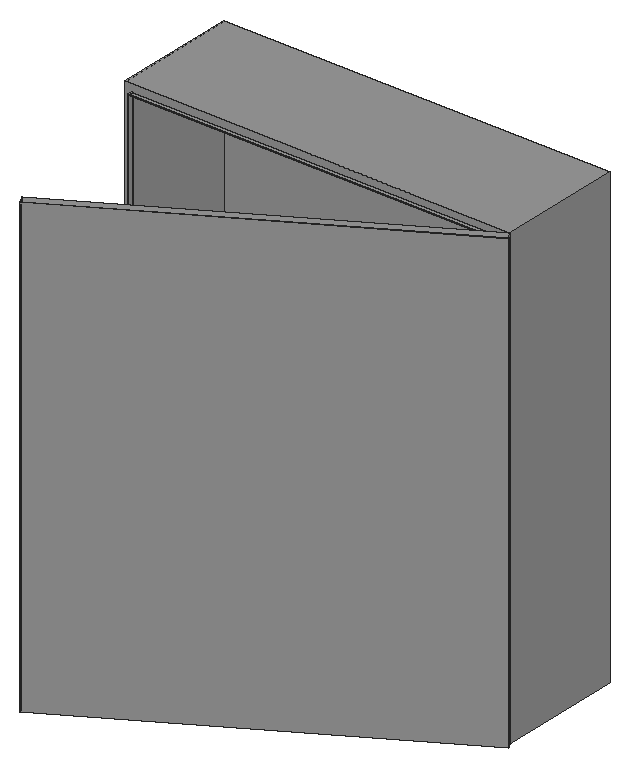
Revit family "Hager-Univers-IP55-D275-H950-Cl.I-Steel_encl-NoHosted-CH-en", category Equipement électrique, Revit 2020
Family settings
  Configuration du panneau = Deux colonnes, circuits au sein
  Cote de connecteur circulaire = Utiliser le diamètre
  Type d'élément = Tableau de raccordement
  Basée sur le plan de construction = Oui
  Toujours verticalement = Oui
  Couper avec des vides une fois chargée = Non
  Partagée = Non
  Point de calcul de pièce = Non
Parameters (values of type "Surface mounted (plaster) IP55 W800 H950 D275  - FR63E")
  Width Control [instance] = if([EF000008 - Width] > Min Width, [EF000008 - Width], Min Width)  # 800 mm
  Commentaires du type = [HG000003 - Range]  # "Univers"
  Thickness Door [instance] = if([EF009171 - Material plate thickness door/cover] > 3 mm, 3 mm, [EF009171 - Material plate thickness door/cover])  # 1.5 mm
  Seal Frame Offset [instance] = 17 mm  # constant formula
  Plinth Visibility [instance] = [HG000027 - Plinth height] > 0 mm  # no
  Min Width [instance] = 100 mm  # constant formula
  Min Depth [instance] = (2 * [EF009170 - Material plate thickness cabinet]) + 1 mm  # 4 mm
  Min Height [instance] = 100 mm  # constant formula
  Internal Frame Depth [instance] = (Door System Depth * 0.5)  # 9 mm
  Panel Name [instance] = ""  # (empty or 0)
  Model = ""
  HG000027 - Plinth height = 0 mm
  HG000026 - Floor standing = no
  HG000024 - Bottom section height = 600 mm
  HG000023 - Double section enclosure = no
  HG000016 - Door 3d visibility [instance] = yes
  HG000015 - Clearance visibility [instance] = no
  HG000014 - Door on the right [instance] = yes
  HG000013 - Door on the left [instance] = not([HG000014 - Door on the right])  # no
  HG000012 - Door swing angle [instance] = 30.00°
  HG000010 - Asymmetric doors = no
  HG000009 - Double swing door = no
  HG000006 - Flush mounted = no
  HG000004 - Manufacturer reference = "FR63E"
  HG000003 - Range = "Univers"
  HG000002 - With door or cover = yes
  Frame Offset Bottom [instance] = 10 mm  # constant formula
  Frame Offset [instance] = 15 mm  # constant formula
  EF015940 - Cover with overpressure release = no
  EF011959 - Degree of protection (NEMA) = ""
  EF009554 - Number of openings for flange plates = 6
  EF009212 - Cover model = "EV000116 - Closed"
  EF009171 - Material plate thickness door/cover = 1.5 mm
  EF009170 - Material plate thickness cabinet = 1.5 mm
  EF008873 - Nominal current (In) = 800 A
  EF007800 - Suitable for lightning protection = no
  EF006306 - With lock = no
  EF006244 - Transparent cover/door = no
  EF005474 - Degree of protection (IP) = "EV006420 - IP55"
  EF004464 - Type of door = "EV002646 - Single"
  EF004427 - Number of modules = 216
  EF004293 - Impact strength = "EV008784 - IK10"
  EF003532 - Suitable for outdoor use = no
  EF002950 - Width in number of modular spacings = 24
  EF001613 - Circuit integrity = "EV000494 - None"
  EF001596 - Material housing = "EV000179 - Steel"
  EF001131 - Internal depth = 275 mm
  EF001088 - Extension possible = yes
  EF000437 - Number of conduit inlets = 6
  EF000339 - Type of cover = "EV004216 - Door"
  EF000266 - Number of rows = 6
  EF000218 - Built-in depth = 0 mm
  EF000118 - With mounting plate = no
  EF000116 - RAL-number = "7035"
  EF000049 - Depth = 275 mm
  EF000040 - Height = 950 mm
  EF000008 - Width = 800 mm
  EF000007 - Colour = "EV000270 - Grey"
  EF000003 - Mounting method = "EV000384 - Surface mounted (plaster)"
  Door System Leaf Tolerance [instance] = 1.5 mm  # constant formula
  Door System Depth [instance] = 18 mm  # constant formula
  Door Height [instance] = Height Control - [HG000027 - Plinth height]  # 950 mm
  Description = ""
  Default Elevation = 1219.2 mm
  Connector Offset [instance] = Height Control / 2  # 475 mm
  Fabricant = "Hager"  # constant formula
  Height Control [instance] = if([EF000040 - Height] > Min Height, [EF000040 - Height], Min Height)  # 950 mm
  Depth Control [instance] = if([EF000049 - Depth] > Min Depth, [EF000049 - Depth], Min Depth)  # 275 mm
  Bottom Top Plate Trim [instance] = 1.5 mm  # constant formula
  Plinth height Ctrl [instance] = if([HG000027 - Plinth height] > 0 mm, [HG000027 - Plinth height], 12 mm)  # 12 mm
Types (5, lengths in mm): name | Width Control | HG000010 - Asymmetric doors | HG000009 - Double swing door | HG000004 - Manufacturer reference | EF009554 - Number of openings for flange plates | EF004464 - Type of door | EF004427 - Number of modules | EF000437 - Number of conduit inlets | EF000008 - Width
  Surface mounted (plaster) IP55 W1050 H950 D275  - FR64E | 1050 | no | yes | "FR64E" | 8 | "EV003602 - Double" | 288 | 8 | 1050
  Surface mounted (plaster) IP55 W1300 H950 D275  - FR65E | 1300 | yes | yes | "FR65E" | 10 | "EV003602 - Double" | 360 | 10 | 1300
  Surface mounted (plaster) IP55 W300 H950 D275  - FR61E | 300 | no | no | "FR61E" | 2 | "EV002646 - Single" | 72 | 2 | 300
  Surface mounted (plaster) IP55 W550 H950 D275  - FR62E | 550 | no | no | "FR62E" | 4 | "EV002646 - Single" | 144 | 4 | 550
  Surface mounted (plaster) IP55 W800 H950 D275  - FR63E | 800 | no | no | "FR63E" | 6 | "EV002646 - Single" | 216 | 6 | 800
Reference planes
  plane 1 "Center (Front/Back)": y = 0
  plane 2: z = 0
  plane 3 "Center (Left/Right)": x = 0
  plane 4: y = 0
  plane 5: y = 0
  plane 6: z = 0
  plane 7: x = -400
  plane 8: x = 400
  plane 9: x = 398.5
  plane 10: x = -398.5
  plane 11: z = 0
  plane 12: z = 1.5
  plane 13: y = -275
  plane 14: y = -1.5
  plane 15: x = 0
  plane 16: y = -257
  plane 17: y = -273.5
  plane 18: y = -255.5
  plane 19: x = -383.5
  plane 20: x = 383.5
  plane 21: z = 11.5
  plane 22: x = -383
  plane 23: x = 383
  plane 24: z = 0
  plane 25: z = 950
  plane 26: z = 950
  plane 27: z = 933.5
  plane 28: z = 948.5
Forms (mm)
  Extrusion 1, solid, material "Hager_Steel_RAL7035_Light_Grey", detail levels medium+fine
    sketch origin (-208.679, -4572, 0) x (-1, 0, 0) y (0, -1, 0)
      loop
        line (191.321, -4315) -> (-608.679, -4315) -> (-608.679, -4572) -> (191.321, -4572) -> (191.321, -4315)
    from 0 to 950
  Extrusion 2, void
    sketch origin (-350.771, -275, 1219.2) x (1, 0, 0) y (0, 0, 1)
      loop
        line (-47.729, -270.7) -> (-47.729, -1217.7) -> (749.271, -1217.7) -> (749.271, -270.7) -> (-47.729, -270.7)
    from -19.5 to -273.5
  Extrusion 3, void
    sketch origin (-290.084, -257, 1219.2) x (1, 0, 0) y (0, 0, 1)
      loop
        line (-93.416, -1207.7) -> (673.584, -1207.7) -> (673.584, -285.7) -> (-93.416, -285.7) -> (-93.416, -1207.7)
    from 0 to -1.5
  Extrusion 4, solid, material "Hager_Steel_RAL7035_Light_Grey", visible <- "Plinth Visibility", detail levels medium+fine
    sketch origin (0, 0, 0) x (1, 0, 0) y (0, 1, 0)
      loop
        line (-400, 0) -> (-400, -257) -> (400, -257) -> (400, 0) -> (-400, 0)
    from 0 to 12 <- "Plinth height Ctrl"
  Extrusion 5, solid, material "Hager_Steel_RAL7035_Light_Grey", detail levels coarse
    sketch origin (0, 0, 0) x (1, 0, 0) y (0, 1, 0)
      loop
        line (-400, 0) -> (-400, -275) -> (400, -275) -> (400, 0) -> (-400, 0)
    from 0 to 950 <- "Height Control"
  Sweep 6, void
    path in 3D
      loop
        line (-400, -257, 12) -> (400, -257, 12) -> (400, 0, 12) -> (-400, 0, 12) -> (-400, -257, 12)
    profile origin (-400, -128.5, 12) x (1, 0, 0) y (0, 0, 1)
      loop
        line (0, 0) -> (0, -1.5) -> (1.5, -1.5)
        arc (1.5, -1.5) -> (1.061, -0.439) -> (0, 0) r 1.5
  Extrusion 7, solid, material "Hager_Steel_RAL7035_Light_Grey", detail levels fine
    sketch origin (-400, -257, 0) x (1, 0, 0) y (0, 0, 1)
      loop
        line (16.5, 11.5) -> (783.5, 11.5) -> (783.5, 933.5) -> (16.5, 933.5) -> (16.5, 11.5)
      loop
        line (15, 10) -> (785, 10) -> (785, 935) -> (15, 935) -> (15, 10)
    from 0 to 9 <- "Internal Frame Depth"
Cuts and joins
  Extrusion 2, Extrusion 3 cuts Extrusion 1
  Sweep 6 cuts Extrusion 4
Lines and regions (mm)
  Masking region 1
    outline origin (0, 0, 0) x (1, 0, 0) y (0, 1, 0)
      loop
        line (-400, 0) -> (-400, -275) -> (400, -275) -> (400, 0) -> (-400, 0)
  Masking region 2, detail levels coarse
    outline origin (-290.084, -257, 1219.2) x (-1, 0, 0) y (0, 0, 1)
      loop
        line (-690.084, -1219.2) -> (109.916, -1219.2) -> (109.916, -269.2) -> (-690.084, -269.2) -> (-690.084, -1219.2)
  Masking region 3, detail levels coarse
    outline origin (0, 0, 0) x (0, 1, 0) y (0, 0, 1)
      loop
        line (0, 0) -> (0, 950) -> (-275, 950) -> (-275, 0) -> (0, 0)
  Masking region 4, visible <- "Plinth Visibility", detail levels medium+fine
    outline origin (0, 0, 0) x (0, 1, 0) y (0, 0, 1)
      loop
        line (-1.5, 12) -> (-255.5, 12)
        arc (-255.5, 12) -> (-255.939, 10.939) -> (-257, 10.5) r 1.5
        line (-257, 10.5) -> (-257, 0) -> (0, 0) -> (0, 10.5)
        arc (0, 10.5) -> (-1.061, 10.939) -> (-1.5, 12) r 1.5
  Masking region 5, detail levels medium+fine
    outline origin (0, 0, 594.038) x (0, 1, 0) y (0, 0, 1)
      loop
        line (0, -594.038) -> (0, 355.962) -> (-257, 355.962) -> (-257, -594.038) -> (0, -594.038)
  Masking region 6, detail levels medium+fine
    outline origin (-359.7, -257, 1211.883) x (-1, 0, 0) y (0, 0, 1)
      loop
        line (-759.7, -1211.883) -> (40.3, -1211.883) -> (40.3, -261.883) -> (-759.7, -261.883) -> (-759.7, -1211.883)
  Masking region 7, visible <- "Plinth Visibility", detail levels medium+fine
    outline origin (-320.334, -257, 1041.368) x (-1, 0, 0) y (0, 0, 1)
      loop
        line (-720.334, -1041.368) -> (79.666, -1041.368) -> (79.666, -1030.868)
        arc (79.666, -1030.868) -> (78.606, -1030.429) -> (78.166, -1029.368) r 1.5
        line (78.166, -1029.368) -> (-718.834, -1029.368)
        arc (-718.834, -1029.368) -> (-719.273, -1030.429) -> (-720.334, -1030.868) r 1.5
        line (-720.334, -1030.868) -> (-720.334, -1041.368)
  sketch lines
    curve 1: line (-400, 0, 12) -> (-400, -257, 12)
    curve 2: line (-400, -257, 12) -> (400, -257, 12)
    curve 3: line (400, 0, 12) -> (-400, 0, 12)
    curve 4: line (400, -257, 12) -> (400, 0, 12)
Dimensions and locks
  locked: plane 1 "Center (Front/Back)" to plane 5
  "EF009170 - Material plate thickness cabinet": plane 7 to plane 10
  "EF009170 - Material plate thickness cabinet": plane 8 to plane 9
  equal spacing: plane 7, plane 3 "Center (Left/Right)", plane 8
  "Width Control": plane 7 to plane 8
  "Depth Control": plane 4 to plane 13
  "EF009170 - Material plate thickness cabinet": plane 4 to plane 14
  "Height Control": plane 25 to level
  "HG000027 - Plinth height": plane 11 to level
  "EF009170 - Material plate thickness cabinet": plane 12 to plane 11
  "EF009170 - Material plate thickness cabinet": plane 17 to plane 13
  "EF009170 - Material plate thickness cabinet": plane 18 to plane 16
  "Frame Offset Bottom": plane 21 to plane 12
  "Frame Offset": plane 10 to plane 19
  "Frame Offset": plane 9 to plane 20
  "Door System Depth": plane 16 to plane 13
  "Seal Frame Offset": plane 7 to plane 22
  "Seal Frame Offset": plane 8 to plane 23
  "EF009170 - Material plate thickness cabinet": plane 26 to plane 28
  "Frame Offset": plane 28 to plane 27
  "Connector Offset": plane 2 to connector elem
  "Bottom Top Plate Trim": profile plane to Sweep 6 sketch curve
  "Bottom Top Plate Trim": Sweep 6 sketch curve to Sweep 6 sketch curve
  "Plinth height Ctrl": Masking region 4 sketch curve to level
  "Plinth height Ctrl": Masking region 7 sketch curve to level
  "Thickness Door": Extrusion 7 sketch curve to Extrusion 7 sketch curve  (x4)
  "Bottom Top Plate Trim": radius of Sweep 6 sketch curve
  "Bottom Top Plate Trim": radius of Masking region 4 sketch curve  (x2)
  "Bottom Top Plate Trim": radius of Masking region 7 sketch curve  (x2)
  aligned and locked: Extrusion 2 sketch curve to plane 12
  aligned and locked: Extrusion 2 sketch curve to plane 9
  aligned and locked: Extrusion 2 sketch curve to plane 10
  aligned and locked: Extrusion 2 to plane 14
  aligned and locked: Extrusion 1 sketch curve to plane 4
  aligned and locked: plane 8 to Extrusion 1 sketch curve
  aligned and locked: plane 7 to Extrusion 1 sketch curve
  aligned and locked: Extrusion 2 to plane 18
  aligned and locked: Extrusion 3 sketch curve to plane 19
  aligned and locked: plane 20 to Extrusion 3 sketch curve
  aligned and locked: Extrusion 3 to Extrusion 2
  aligned and locked: Extrusion 3 sketch curve to plane 21
  aligned and locked: plane 3 "Center (Left/Right)" to nested 1
  aligned and locked: Extrusion 1 sketch curve to plane 16
  aligned and locked: Extrusion 4 sketch curve to cut or joined group of Extrusion 1, Extrusion 2, Extrusion 3
  aligned and locked: Masking region 1 sketch curve to plane 7
  aligned and locked: Masking region 1 sketch curve to plane 5
  aligned and locked: Masking region 1 sketch curve to plane 8
  aligned and locked: Masking region 2 sketch curve to level
  aligned and locked: level to Masking region 3 sketch curve
  aligned and locked: plane 1 "Center (Front/Back)" to Masking region 3 sketch curve
  aligned and locked: plane 13 to Masking region 3 sketch curve
  aligned and locked: plane 5 to Masking region 4 sketch curve
  aligned and locked: Masking region 2 sketch curve to plane 8
  aligned and locked: Masking region 2 sketch curve to plane 7
  aligned and locked: plane 7 to nested 2
  aligned and locked: nested 2 to plane 5
  aligned and locked: plane 5 to Masking region 5 sketch curve
  aligned and locked: plane 26 to Masking region 5 sketch curve
  aligned and locked: Extrusion 5 sketch curve to plane 8
  aligned and locked: Extrusion 5 sketch curve to plane 7
  aligned and locked: Extrusion 5 sketch curve to plane 5
  aligned and locked: Extrusion 3 sketch curve to plane 27
  aligned and locked: Extrusion 2 sketch curve to plane 28
  aligned and locked: Masking region 2 to plane 25
  aligned and locked: Extrusion 4 to plane 16
  aligned and locked: profile plane to Sweep 6 sketch curve
  aligned and locked: Masking region 5 sketch curve to plane 24
  aligned and locked: level to Masking region 4 sketch curve
  aligned and locked: Masking region 1 to plane 13
  aligned and locked: nested 1 to plane 16
  aligned and locked: Masking region 3 to plane 25
  aligned and locked: plane 16 to Masking region 4 sketch curve
  aligned and locked: Masking region 5 sketch curve to plane 16
  aligned and locked: plane 24 to plane 11
  aligned and locked: plane 26 to plane 25
  aligned and locked: plane 26 to cut or joined group of Extrusion 1, Extrusion 2, Extrusion 3
  aligned and locked: nested 1 to plane 24
  aligned and locked: Extrusion 1 to Extrusion 3
  aligned and locked: Masking region 6 sketch curve to plane 8
  aligned and locked: Masking region 6 sketch curve to plane 24
  aligned and locked: Masking region 6 sketch curve to plane 7
  aligned and locked: Masking region 6 sketch curve to plane 26
  aligned and locked: Masking region 7 sketch curve to plane 7
  aligned and locked: level to Masking region 7 sketch curve
  aligned and locked: Masking region 7 sketch curve to plane 8
  aligned and locked: Extrusion 7 sketch curve to cut or joined group of Extrusion 1, Extrusion 2, Extrusion 3  (x4)
Automatic sketch dimensions
  plane 19 to Extrusion 3 sketch curve = 0 mm
  Extrusion 3 sketch curve to plane 20 = 0 mm
  Extrusion 3 sketch curve to plane 21 = 0 mm
  Extrusion 4 sketch curve to plane 7 = 0 mm
  Extrusion 4 sketch curve to plane 8 = 0 mm
  Extrusion 4 sketch curve to plane 16 = 0 mm
  Masking region 1 sketch curve to plane 13 = 0 mm
  Masking region 2 sketch curve to plane 25 = 0 mm
  Masking region 3 sketch curve to plane 25 = 0 mm
  Extrusion 5 sketch curve to plane 13 = 0 mm
  profile plane to Sweep 6 sketch curve = 0 mm
Nested families
  nested 1: "EC000058_Univers_Door" at (0, -257, 0), Double <- "HG000009 - Double swing door", Transparent <- "EF006244 - Transparent cover/door", Angle <- "HG000012 - Door swing angle", Door_Right <- "HG000014 - Door on the right", Assymetrical <- "HG000010 - Asymmetric doors", Door <- "HG000002 - With door or cover", Width_Ctrl <- "Width Control", 3d_Door <- "HG000016 - Door 3d visibility", Clearance <- "HG000015 - Clearance visibility", Door_Left <- "HG000013 - Door on the left", Width <- "Width Control", Door_Depth <- "Door System Depth", Leaf_Tolerance <- "Door System Leaf Tolerance", Height <- "Door Height", Lock_Visibility <- "EF006306 - With lock", Thickness <- "Thickness Door", type "EC000058_Univers_Door", detail levels medium+fine
    with min_wh 4 mm, Width_Ctrl 800 mm, Width 800 mm, Transparent no, Thickness 1.5 mm, Seal_Material Hager_Rubber, Lock_Visibility no, Lock_Material Hager_Plastic_RAL9005_Jet_Black, Leaf_Width 800 mm, Leaf_Tolerance_External_Sides 0 mm, Leaf_Tolerance 1.5 mm, Leaf_Offset 0 mm, Leaf_Height 947 mm, Leaf_2_Width 800 mm, Leaf_2_Offset 400 mm, Leaf_1_Width 800 mm, Leaf_1_Offset 400 mm, Height_Ctrl 950 mm, Height 950 mm, Glass_Material Hager_Glass, Double_Clearance_Ctrl no, Double no, Door_Right_Ctrl yes, Door_Right yes, Door_Material Hager_Steel_RAL7035_Light_Grey, Door_Left_Ctrl no, Door_Left no, Door_Depth 18 mm, Door yes, Clearance_Material Hager_Clearance, Clearance_Depth 800 mm, Clearance_Ctrl no, Clearance no, Assymetrical no, Angle 30.00°, 3d_Door yes
  nested 2: "Hager_Enclosure_Symbol" at (-400, 0, 0), Height <- "Depth Control", Width <- "Width Control", type "Hager_Enclosure_Symbol"
    with Width_Ctrl 800 mm, Width 800 mm, Height_Ctrl 275 mm, Height 275 mm, A_Width_Int 18.047 mm, A_Width 216.562 mm, A_Height_Ctrl 240.625 mm, A_Height 240.625 mm
Connectors
  electrical at (0, 0, 475)
    settings: on plane 1 "Center (Front/Back)", index 1, voltage 0 V, apparent load 0 VA, apparent load phase1 0 VA, apparent load phase2 0 VA, apparent load phase3 0 VA, power factor 1, load classification "Other", number of poles 1, system type 30, power factor state 1, is connector primary yes, connector utility no, sub classification motor no, connector description ""
Definition of nested family "EC000058_Univers_Door"
  Parameters (values of type "EC000058_Univers_Door")
    min_wh [instance] = (2 * Thickness) + 1 mm  # 11 mm
    Width_Ctrl [instance] = 400 mm
    Width [instance] = 500 mm
    Transparent [instance] = yes
    Thickness [instance] = 5 mm
    Seal_Material [instance] = none
    Lock_Visibility [instance] = yes
    Lock_Material [instance] = none
    Leaf_Width [instance] = if((Width_Ctrl - 2 * Leaf_Tolerance_External_Sides) > 0 mm, (Width_Ctrl - 2 * Leaf_Tolerance_External_Sides), min_wh)  # 400 mm
    Leaf_Tolerance_External_Sides [instance] = 0 mm  # constant formula
    Leaf_Tolerance [instance] = 1.5 mm
    Leaf_Offset [instance] = 0 mm  # constant formula
    Leaf_Height [instance] = if((Height_Ctrl - 2 * Leaf_Tolerance) > 0 mm, (Height_Ctrl - 2 * Leaf_Tolerance), min_wh)  # 497 mm
    Leaf_2_Width [instance] = if(and(and(Double, Assymetrical), Door_Left), (Leaf_Width / 3) - (Leaf_Tolerance / 2), if(and(and(Double, Assymetrical), Door_Right), (Leaf_Width / 3) * 2 - (Leaf_Tolerance / 2), if(and(Double, not(Assymetrical)), (Leaf_Width / 2) - Leaf_Tolerance, Leaf_Width)))  # 400 mm
    Leaf_2_Offset [instance] = if(and(Double, Assymetrical), Leaf_2_Width / 2, if(and(Double, not(Assymetrical)), Leaf_Width / 4, Leaf_Width / 2))  # 200 mm
    Leaf_1_Width [instance] = if(and(and(Double, Assymetrical), Door_Right), (Leaf_Width / 3) - (Leaf_Tolerance / 2), if(and(and(Double, Assymetrical), Door_Left), (Width / 3) * 2 - (Leaf_Tolerance / 2), if(and(Double, not(Assymetrical)), (Leaf_Width / 2) - Leaf_Tolerance, Leaf_Width)))  # 400 mm
    Leaf_1_Offset [instance] = if(and(Double, Assymetrical), Leaf_1_Width / 2, if(and(Double, not(Assymetrical)), Leaf_Width / 4, Leaf_Width / 2))  # 200 mm
    Height_Ctrl [instance] = if(Height > min_wh, Height, min_wh)  # 500 mm
    Height [instance] = 500 mm
    Glass_Material [instance] = none
    Double_Clearance_Ctrl [instance] = and(Double, Clearance)  # no
    Double [instance] = no
    Door_Right_Ctrl [instance] = and(or(Door_Right, Double), Door)  # yes
    Door_Right [instance] = yes
    Door_Material [instance] = none
    Door_Left_Ctrl [instance] = and(or(Door_Left, Double), Door)  # no
    Door_Left [instance] = no
    Door_Depth [instance] = 30 mm
    Door [instance] = yes
    Default Elevation = 1219.2 mm
    Clearance_Material [instance] = none
    Clearance_Depth [instance] = if(Leaf_1_Width > Leaf_2_Width, Leaf_1_Width, Leaf_2_Width)  # 400 mm
    Clearance_Ctrl [instance] = and(not(Double), Clearance)  # yes
    Clearance [instance] = yes
    Assymetrical [instance] = yes
    Angle [instance] = 30.00°
    3d_Door [instance] = yes
  Reference planes
    plane 1 "Center (Front/Back)": y = 0
    plane 2 "Bottom": z = 0
    plane 3 "Center (Left/Right)": x = 0
    plane 4: z = 500
    plane 5: x = -200
    plane 6: x = 200
    plane 7: z = 500
    plane 8: x = -200
    plane 9: z = 0
    plane 10: x = 200
    plane 11: y = 0
    plane 12: z = 1.5
    plane 13: x = -600
    plane 14: y = -400
    plane 15: x = 600
    plane 16: x = 0
    plane 17: x = 0
    plane 18: x = -200
    plane 19: x = 200
    plane 20: z = 498.5
  Forms (mm)
    Extrusion 1, solid, material <- "Clearance_Material", visible <- "Double_Clearance_Ctrl"
      sketch origin (1200, 0, 0) x (1, 0, 0) y (0, 0, -1)
        loop
          line (-1800, -498.5) -> (-600, -498.5) -> (-600, 0) -> (-1800, 0) -> (-1800, -498.5)
      from 0 to -400
  Dimensions and locks
    equal spacing: plane 5, plane 3 "Center (Left/Right)", plane 6
    "Width_Ctrl": plane 5 to plane 6
    "Leaf_Offset": plane 5 to plane 8
    "Leaf_Offset": plane 6 to plane 10
    "Leaf_Offset": plane 9 to level
    "Leaf_Offset": plane 4 to plane 7
    "Height_Ctrl": plane 4 to level
    "Leaf_Tolerance": plane 12 to plane 9
    locked: plane 11 to plane 1 "Center (Front/Back)"
    "Leaf_1_Offset": plane 18 to plane 16
    "Leaf_2_Offset": plane 17 to plane 19
    "Leaf_1_Width": plane 13 to plane 8
    "Leaf_2_Width": plane 10 to plane 15
    "Clearance_Depth": plane 14 to plane 1 "Center (Front/Back)"
    "Leaf_Tolerance_External_Sides": plane 8 to plane 18
    "Leaf_Tolerance_External_Sides": plane 19 to plane 10
    "Leaf_Tolerance": plane 7 to plane 20
    aligned and locked: level to plane 2 "Bottom"
    aligned and locked: nested 1 to plane 16
    aligned and locked: nested 2 to plane 17
    aligned and locked: Extrusion 1 to plane 13
    aligned and locked: plane 15 to Extrusion 1
    aligned and locked: Extrusion 1 to plane 14
    aligned and locked: plane 12 to nested 1
    aligned and locked: nested 2 to plane 12
    aligned and locked: Extrusion 1 to plane 11
    aligned and locked: plane 20 to Extrusion 1
    aligned and locked: nested 2 to plane 11
    aligned and locked: nested 1 to plane 11
  Automatic sketch dimensions
    Extrusion 1 sketch curve to level = 0 mm
    plane 5 to Extrusion 1 sketch curve = 400 mm
    plane 6 to Extrusion 1 sketch curve = 400 mm
    Extrusion 1 sketch curve to plane 4 = 1.5 mm
  Nested families
    nested 1: "EC000058_Univers_Door_Leaf" at (0, 0, 1.5), Width <- "Leaf_1_Width", visible <- "Door_Left_Ctrl", Leaf_Height <- "Leaf_Height", Angle <- "Angle", 3d_Door <- "3d_Door", Transparent <- "Transparent", Clearance Material <- "Clearance_Material", Clearance <- "Clearance_Ctrl", Door_Material <- "Door_Material", Glass_Material <- "Glass_Material", Door_Depth <- "Door_Depth", Lock_Material <- "Lock_Material", Seal_Material <- "Seal_Material", Lock_Visibility <- "Lock_Visibility", Thickness <- "Thickness", type "EC000058_Univers_Door_Leaf"
      with Width 400 mm, Transparent_Glass_Offset 30 mm, Transparent_Ctrl yes, Transparent yes, Thickness 5 mm, Standard no, Seal_Material none, Seal_D2 8 mm, Seal_D1 1 mm, Offset_Internal_Frame 10 mm, Lock_Width 20 mm, Lock_Visibility_3d yes, Lock_Visibility yes, Lock_Thickness_3 3 mm, Lock_Thickness_2 1 mm, Lock_Thickness_1 3 mm, Lock_Radius_Offset_2 16 mm, Lock_Radius_Offset_1 15 mm, Lock_Radius_2 5 mm, Lock_Radius 6 mm, Lock_Offset 5 mm, Lock_Material none, Lock_Height 80 mm, Lock_Cover_Top_Offset_2d 17 mm, Lock_Cover_Height -65 mm, Leaf_Height 497 mm, Internal_Seal_Thickness 8 mm, Internal_Seal_Depth_2 4.5 mm, Internal_Frame_Depth 25 mm, Glass_Thickness -1 mm, Glass_Offset -2 mm, Glass_Material none, Door_Material none, Door_Depth 30 mm, Clearance Material none, Clearance yes, Angle_Ctrl 30.00°, Angle 30.00°, 3d_Door yes
    nested 2: "EC000058_Univers_Door_Leaf" at (0, 0, 1.5) x (-1, 0, 0) z (0, 0, 1), Width <- "Leaf_2_Width", visible <- "Door_Right_Ctrl", Leaf_Height <- "Leaf_Height", Angle <- "Angle", 3d_Door <- "3d_Door", Transparent <- "Transparent", Clearance Material <- "Clearance_Material", Clearance <- "Clearance_Ctrl", Door_Material <- "Door_Material", Glass_Material <- "Glass_Material", Door_Depth <- "Door_Depth", Lock_Material <- "Lock_Material", Seal_Material <- "Seal_Material", Lock_Visibility <- "Lock_Visibility", Thickness <- "Thickness", type "EC000058_Univers_Door_Leaf"
      with Width 400 mm, Transparent_Glass_Offset 30 mm, Transparent_Ctrl yes, Transparent yes, Thickness 5 mm, Standard no, Seal_Material none, Seal_D2 8 mm, Seal_D1 1 mm, Offset_Internal_Frame 10 mm, Lock_Width 20 mm, Lock_Visibility_3d yes, Lock_Visibility yes, Lock_Thickness_3 3 mm, Lock_Thickness_2 1 mm, Lock_Thickness_1 3 mm, Lock_Radius_Offset_2 16 mm, Lock_Radius_Offset_1 15 mm, Lock_Radius_2 5 mm, Lock_Radius 6 mm, Lock_Offset 5 mm, Lock_Material none, Lock_Height 80 mm, Lock_Cover_Top_Offset_2d 17 mm, Lock_Cover_Height -65 mm, Leaf_Height 497 mm, Internal_Seal_Thickness 8 mm, Internal_Seal_Depth_2 4.5 mm, Internal_Frame_Depth 25 mm, Glass_Thickness -1 mm, Glass_Offset -2 mm, Glass_Material none, Door_Material none, Door_Depth 30 mm, Clearance Material none, Clearance yes, Angle_Ctrl 30.00°, Angle 30.00°, 3d_Door yes
  Definition of nested family "EC000058_Univers_Door_Leaf"
    Parameters (values of type "EC000058_Univers_Door_Leaf")
      Width [instance] = 2000 mm
      Transparent_Glass_Offset [instance] = 30 mm
      Transparent_Ctrl [instance] = and(Transparent, [3d_Door])  # yes
      Transparent [instance] = yes
      Thickness [instance] = 5 mm
      Standard [instance] = and(not(Transparent), [3d_Door])  # no
      Seal_Material [instance] = none
      Seal_D2 [instance] = 8 mm  # constant formula
      Seal_D1 [instance] = 1 mm  # constant formula
      Offset_Internal_Frame [instance] = 10 mm  # constant formula
      Lock_Width [instance] = 20 mm  # constant formula
      Lock_Visibility_3d [instance] = and(Lock_Visibility, [3d_Door])  # yes
      Lock_Visibility [instance] = yes
      Lock_Thickness_3 [instance] = 3 mm  # constant formula
      Lock_Thickness_2 [instance] = 1 mm  # constant formula
      Lock_Thickness_1 [instance] = 3 mm  # constant formula
      Lock_Radius_Offset_2 [instance] = Lock_Radius_Offset_1 + 1 mm  # 16 mm
      Lock_Radius_Offset_1 [instance] = 15 mm  # constant formula
      Lock_Radius_2 [instance] = Lock_Radius - 1 mm  # 5 mm
      Lock_Radius [instance] = 6 mm  # constant formula
      Lock_Offset [instance] = 5 mm  # constant formula
      Lock_Material [instance] = none
      Lock_Height [instance] = 80 mm  # constant formula
      Lock_Cover_Top_Offset_2d [instance] = Lock_Radius_Offset_2 + 1 mm  # 17 mm
      Lock_Cover_Height [instance] = -(Lock_Height - Lock_Radius_Offset_1)  # -65 mm
      Leaf_Height [instance] = 2720.336 mm
      Internal_Seal_Thickness [instance] = 8 mm  # constant formula
      Internal_Seal_Depth_2 [instance] = 4.5 mm  # constant formula
      Internal_Frame_Depth [instance] = if(Door_Depth - Thickness > 5 mm, Door_Depth - Thickness, 5 mm)  # 25 mm
      Glass_Thickness [instance] = if(Thickness > 15 mm, Glass_Offset + 10 mm, -1 mm)  # -1 mm
      Glass_Offset [instance] = if(Thickness > 15 mm, -(Thickness + 10 mm) / 2, -2 mm)  # -2 mm
      Glass_Material [instance] = none
      Door_Material [instance] = none
      Door_Depth [instance] = 30 mm
      Default Elevation = 0 mm
      Clearance Material [instance] = none
      Clearance [instance] = yes
      Angle_Ctrl [instance] = if(Angle > 180.00°, 180.00°, Angle)  # 90.00°
      Angle [instance] = 90.00°
      3d_Door [instance] = yes
    Reference planes
      plane 1 "Center (Front/Back)": y = 0
      plane 2: z = 0
      plane 3 "Center (Left/Right)": x = 0
      plane 4: y = 2000
      plane 5: x = -1000
      plane 6: x = 1000
      plane 7: x = -3000
      plane 8: z = 2720.336
      plane 9: z = 30
      plane 10: z = 2690.336
      plane 11: x = 970
      plane 12: x = -970
      plane 13: y = -3
      plane 14: z = 107.833
      plane 15: y = -5
      plane 16: y = -223.314
      plane 17: x = -1000
      plane 18: z = 1360.168
      plane 19: y = 30
    Forms (mm)
      Extrusion 1, solid, material <- "Clearance Material", visible <- "Clearance"
        sketch origin (0, 0, 0) x (1, 0, 0) y (0, 0, 1)
          loop
            line (-3000, 2720.336) -> (-3000, 0) -> (1000, 0) -> (1000, 2720.336) -> (-3000, 2720.336)
        from 0 to -2000
      Extrusion 2, solid, material <- "Door_Material", visible <- "Standard", detail levels medium+fine
        sketch origin (-1000, 0, 0) x (0, 1, 0) y (-1, 0, 0)
          loop
            line (0, 30) -> (0, 25) -> (2000, 25) -> (2000, 30) -> (0, 30)
        from 0 to 2720.336 <- "Leaf_Height"
      Extrusion 3, solid, material <- "Door_Material", visible <- "Transparent_Ctrl", detail levels medium+fine
        sketch origin (-1000, 0, 0) x (0, 1, 0) y (-1, 0, 0)
          loop
            line (0, 25) -> (2000, 25) -> (2000, 30) -> (0, 30) -> (0, 25)
        from 0 to 2720.336 <- "Leaf_Height"
      Extrusion 4, void
        sketch origin (-1025, 2000, 0) x (0, 1, 0) y (0, 0, -1)
          loop
            line (-30, -2690.336) -> (-30, -30) -> (-1970, -30) -> (-1970, -2690.336) -> (-30, -2690.336)
        from 0 to 5 <- "Thickness"
      Sweep 5, solid, material <- "Seal_Material", visible <- "Transparent_Ctrl", detail levels fine
        path in 3D
          loop
            line (-1025, 30, 30) -> (-1025, 30, 2690.336) -> (-1025, 1970, 2690.336) -> (-1025, 1970, 30) -> (-1025, 30, 30)
        profile origin (-1025, 1000, 30) x (1, 0, 0) y (0, 0, 1)
          loop
            line (0, 0) -> (0, -8) -> (1, -8) -> (1, 0) -> (0, 0)
      Extrusion 6, solid, material <- "Glass_Material", visible <- "Transparent_Ctrl", detail levels medium+fine
        sketch origin (-1030, 0, 0) x (0, 1, 0) y (0, 0, -1)
          loop
            line (1970, -2690.336) -> (1970, -30) -> (30, -30) -> (30, -2690.336) -> (1970, -2690.336)
        from -2 <- "Glass_Offset" to -1 <- "Glass_Thickness"
      Extrusion 7, solid, material <- "Door_Material", visible <- "3d_Door", detail levels medium+fine
        sketch origin (-1025, 2000, 0) x (0, -1, 0) y (0, 0, -1)
          loop
            line (0, -2720.336) -> (2000, -2720.336) -> (2000, 0) -> (0, 0) -> (0, -2720.336)
          loop
            line (1995, -5) -> (5, -5) -> (5, -2715.336) -> (1995, -2715.336) -> (1995, -5)
        from 0 to 25 <- "Internal_Frame_Depth"
      Sweep 8, solid, material <- "Seal_Material", visible <- "Transparent_Ctrl", detail levels fine
        path in 3D
          loop
            line (-1025, 0, 0) -> (-1025, 2000, 0) -> (-1025, 2000, 2720.336) -> (-1025, 0, 2720.336) -> (-1025, 0, 0)
        profile origin (-1025, 0, 1360.168) x (1, 0, 0) y (0, 1, 0)
          loop
            line (0, 10) -> (2.975, 10)
            arc (2.975, 10) -> (4.053, 10.447) -> (4.5, 11.525) r 1.525
            line (4.5, 11.525) -> (4.5, 16.527)
            arc (4.5, 16.527) -> (4.069, 17.569) -> (3.027, 18) r 1.473
            line (3.027, 18) -> (0, 18) -> (0, 10)
      Extrusion 9, solid, material <- "Lock_Material", visible <- "Lock_Visibility_3d", detail levels fine
        sketch origin (-1030, 0, 0) x (0, 1, 0) y (0, 0, -1)
          loop
            arc (1993.5, -1400.168) -> (1994.561, -1399.729) -> (1995, -1398.668) r 1.5
            line (1995, -1398.668) -> (1995, -1320.168) -> (1975, -1320.168) -> (1975, -1398.668)
            arc (1975, -1398.668) -> (1975.439, -1399.729) -> (1976.5, -1400.168) r 1.5
            line (1976.5, -1400.168) -> (1993.5, -1400.168)
        from 3 <- "Lock_Thickness_1" to 0
      Blend 10, solid, material <- "Lock_Material", visible <- "Lock_Visibility_3d", detail levels fine
        base sketch origin (-1033, 0, 0) x (0, 1, 0) y (0, 0, -1)
          loop
            line (1975, -1320.168) -> (1975, -1398.668)
            arc (1975, -1398.668) -> (1975.439, -1399.729) -> (1976.5, -1400.168) r 1.5
            line (1976.5, -1400.168) -> (1993.5, -1400.168)
            arc (1993.5, -1400.168) -> (1994.561, -1399.729) -> (1995, -1398.668) r 1.5
            line (1995, -1398.668) -> (1995, -1320.168) -> (1975, -1320.168)
        top sketch origin (-1033, 0, 0) x (0, 1, 0) y (0, 0, -1)
          loop
            line (1976, -1320.168) -> (1976, -1398.668)
            arc (1976, -1398.668) -> (1976.146, -1399.022) -> (1976.5, -1399.168) r 0.5
            line (1976.5, -1399.168) -> (1993.5, -1399.168)
            arc (1993.5, -1399.168) -> (1993.854, -1399.022) -> (1994, -1398.668) r 0.5
            line (1994, -1398.668) -> (1994, -1320.168) -> (1976, -1320.168)
        from 0 to 1 <- "Lock_Thickness_2"
      Blend 11, solid, material <- "Lock_Material", visible <- "Lock_Visibility_3d", detail levels fine
        base sketch origin (-1034, 0, 0) x (0, 1, 0) y (0, 0, -1)
          loop
            line (1978, -1320.168) -> (1978, -1384.168)
            arc (1978, -1384.168) -> (1985, -1391.168) -> (1992, -1384.168) r 7
            line (1992, -1384.168) -> (1992, -1320.168) -> (1978, -1320.168)
        top sketch origin (-1034, 0, 0) x (0, 1, 0) y (0, 0, -1)
          loop
            line (1991, -1320.168) -> (1979, -1320.168) -> (1979, -1383.168)
            arc (1979, -1383.168) -> (1985, -1389.168) -> (1991, -1383.168) r 6
            line (1991, -1383.168) -> (1991, -1320.168)
        from 0 to 3 <- "Lock_Thickness_3"
      Extrusion 12, solid, material <- "Lock_Material", visible <- "Lock_Visibility_3d", detail levels fine
        sketch origin (-1030, 1975, 1320.168) x (1, 0, 0) y (0, -1, 0)
          loop
            line (-7, -19) -> (-7, -1) -> (0, -1) -> (0, 0) -> (-8, 0) -> (-8, -20) -> (0, -20) -> (0, -19) -> (-7, -19)
        from 0 to -65 <- "Lock_Cover_Height"
      Extrusion 13, void
        sketch origin (-1038, 1995, 1320.168) x (-1, 0, 0) y (0, 0, -1)
          loop
            line (-5, -65) -> (0, -65) -> (-5, -60) -> (-5, -65)
        from 0 to 20 <- "Lock_Width"
      Extrusion 14, void
        sketch origin (-1038, 1975, 1320.168) x (0, -1, 0) y (0, 0, -1)
          loop
            circle (-10, -15.995) r 6
          loop
            circle (-10, -15.995) r 5
        from 0 to 2
      Extrusion 15, solid, material <- "Lock_Material", visible <- "Lock_Visibility_3d", detail levels medium
        sketch origin (-1030, 0, 0) x (0, 1, 0) y (0, 0, -1)
          loop
            arc (1993.5, -1400.168) -> (1994.561, -1399.729) -> (1995, -1398.668) r 1.5
            line (1995, -1398.668) -> (1995, -1320.168) -> (1975, -1320.168) -> (1975, -1398.668)
            arc (1975, -1398.668) -> (1975.439, -1399.729) -> (1976.5, -1400.168) r 1.5
            line (1976.5, -1400.168) -> (1993.5, -1400.168)
        from 8 to 0
    Cuts and joins
      Extrusion 4 cuts Extrusion 3
      Extrusion 13, Extrusion 14 cuts Extrusion 9
      Extrusion 14 cuts Blend 11
      Extrusion 13, Extrusion 14 cuts Extrusion 12
      joined: Extrusion 9, Blend 10, Blend 11, Extrusion 12
      Extrusion 14 cuts Extrusion 15
    Lines and regions (mm)
      Masking region 1, visible <- "Lock_Visibility", detail levels fine
        outline origin (0, 0, 0) x (0, 1, 0) y (0, 0, 1)
          loop
            line (30, 1320.168) -> (33, 1320.168) -> (33, 1400.168) -> (30, 1400.168) -> (30, 1320.168)
      Masking region 2, visible <- "Lock_Visibility", detail levels fine
        outline origin (0, 3.143, 0) x (0, 1, 0) y (0, 0, 1)
          loop
            line (29.857, 1354.168) -> (30.857, 1354.168) -> (30.857, 1366.168) -> (29.857, 1366.168) -> (29.857, 1354.168)
      Masking region 3, detail levels medium+fine
        outline origin (0, 0, 0) x (0, 1, 0) y (0, 0, 1)
          loop
            line (0, 0) -> (30, 0) -> (30, 2720.336) -> (0, 2720.336) -> (0, 0)
      Masking region 4, detail levels medium+fine
        outline origin (0, 0, 0) x (1, 0, 0) y (0, 0, 1)
          loop
            line (-1000, 2720.336) -> (-1000, 0) -> (1000, 0) -> (1000, 2720.336) -> (-1000, 2720.336)
      Masking region 5, visible <- "Lock_Visibility", detail levels fine
        outline origin (-47.116, 0, 0) x (1, 0, 0) y (0, 0, 1)
          loop
            arc (1024.616, 1399.168) -> (1023.556, 1398.729) -> (1023.116, 1397.668) r 1.5
            line (1023.116, 1397.668) -> (1023.116, 1320.168) -> (1041.116, 1320.168) -> (1041.116, 1397.668)
            arc (1041.116, 1397.668) -> (1040.677, 1398.729) -> (1039.616, 1399.168) r 1.5
            line (1039.616, 1399.168) -> (1024.616, 1399.168)
      Masking region 6, visible <- "Lock_Visibility", detail levels medium+fine
        outline origin (-25, 0, 0) x (1, 0, 0) y (0, 0, 1)
          loop
            arc (1001.5, 1400.168) -> (1000.439, 1399.729) -> (1000, 1398.668) r 1.5
            line (1000, 1398.668) -> (1000, 1320.168) -> (1020, 1320.168) -> (1020, 1398.668)
            arc (1020, 1398.668) -> (1019.561, 1399.729) -> (1018.5, 1400.168) r 1.5
            line (1018.5, 1400.168) -> (1001.5, 1400.168)
      Masking region 7, visible <- "Lock_Visibility", detail levels fine
        outline origin (-73.735, 0, 0) x (1, 0, 0) y (0, 0, 1)
          loop
            line (1051.735, 1382.168) -> (1065.735, 1382.168) -> (1065.735, 1384.168)
            arc (1065.735, 1384.168) -> (1058.735, 1391.168) -> (1051.735, 1384.168) r 7
            line (1051.735, 1384.168) -> (1051.735, 1382.168)
      Masking region 8, visible <- "Lock_Visibility", detail levels fine
        outline origin (-73.735, 0, 0) x (1, 0, 0) y (0, 0, 1)
          loop
            line (1052.735, 1382.168) -> (1064.735, 1382.168) -> (1064.735, 1383.168)
            arc (1064.735, 1383.168) -> (1058.735, 1389.168) -> (1052.735, 1383.168) r 6
            line (1052.735, 1383.168) -> (1052.735, 1382.168)
      Masking region 9, visible <- "Lock_Visibility", detail levels fine
        outline origin (-25, 0, 0) x (1, 0, 0) y (0, 0, 1)
          loop
            line (1020, 1320.168) -> (1020, 1382.168) -> (1000, 1382.168) -> (1000, 1320.168) -> (1020, 1320.168)
      Masking region 10, detail levels medium+fine
        outline origin (0, 0, 0) x (1, 0, 0) y (0, 0, 1)
          loop
            circle (985, 1335.144) r 6
      Masking region 11, detail levels fine
        outline origin (0, 0, 0) x (1, 0, 0) y (0, 0, 1)
          loop
            circle (985, 1335.144) r 5
      Masking region 12, visible <- "Lock_Visibility", detail levels fine
        outline origin (0, 12.767, 0) x (0, 1, 0) y (0, 0, 1)
          loop
            line (20.233, 1320.168) -> (21.233, 1320.168) -> (21.233, 1399.168) -> (20.233, 1400.168) -> (20.233, 1320.168)
      Masking region 13, visible <- "Lock_Visibility", detail levels fine
        outline origin (0, 13.767, -10) x (0, 1, 0) y (0, 0, 1)
          loop
            line (20.233, 1330.168) -> (23.233, 1330.168) -> (23.233, 1399.168) -> (20.233, 1402.168) -> (20.233, 1330.168)
      Masking region 14, visible <- "Lock_Visibility", detail levels fine
        outline origin (0, 12.767, -10) x (0, 1, 0) y (0, 0, 1)
          loop
            line (20.233, 1330.168) -> (25.233, 1330.168) -> (25.233, 1399.305) -> (20.233, 1394.305) -> (20.233, 1330.168)
      Masking region 15, visible <- "Lock_Visibility", detail levels medium
        outline origin (0, 0, 0) x (0, 1, 0) y (0, 0, 1)
          loop
            line (30, 1320.168) -> (38, 1320.168) -> (38, 1400.168) -> (30, 1400.168) -> (30, 1320.168)
      Masking region 16, visible <- "Lock_Visibility", detail levels fine
        outline origin (-1000, 0, 0) x (0, 1, 0) y (-1, 0, 0)
          loop
            line (1975, 30) -> (1995, 30) -> (1995, 38) -> (1975, 38) -> (1975, 30)
          loop
            line (1979, 37) -> (1976, 37) -> (1976, 34) -> (1978, 34) -> (1979, 37)
          loop
            line (1994, 37) -> (1991, 37) -> (1992, 34) -> (1994, 34) -> (1994, 37)
      Masking region 17, visible <- "Lock_Visibility", detail levels medium
        outline origin (-1000, 0, 0) x (0, 1, 0) y (-1, 0, 0)
          loop
            line (1975, 30) -> (1995, 30) -> (1995, 38) -> (1975, 38) -> (1975, 30)
      symbolic lines
        curve 1: line (1000, 0, 0) -> (-3000, 0, 0)
        curve 2: arc (1000, 0, 0) -> (-1000, 2000, 0) -> (-3000, 0, 0) r 2000
        curve 4: line (-1030, 0, 0) -> (-1030, 2000, 0)
      reference lines
        curve 3: line (-1000, 0, 0) -> (-1000, 2000, 0)
      symbolic lines, detail levels medium+fine
        curve 5: line (-1030, 2000, 0) -> (-1025, 2000, 0)
        curve 7: line (-1025, 0, 0) -> (-1030, 0, 0)
        curve 8: line (-1025, 0, 0) -> (-1000, 0, 0)
        curve 9: line (-1000, 0, 0) -> (-1000, 2000, 0)
        curve 10: line (-1000, 2000, 0) -> (-1025, 2000, 0)
      symbolic lines, detail levels fine
        curve 6: line (-1025, 2000, 0) -> (-1025, 0, 0)
      sketch lines
        curve 11: line (-1025, 0, 2720.336) -> (-1025, 0, 0)
        curve 12: line (-1025, 2000, 0) -> (-1025, 0, 0)
        curve 13: line (-1025, 2000, 2720.336) -> (-1025, 2000, 0)
        curve 14: line (-1025, 0, 2720.336) -> (-1025, 2000, 2720.336)
        curve 15: line (-1025, 1970, 30) -> (-1025, 30, 30)
        curve 16: line (-1025, 30, 30) -> (-1025, 30, 2690.336)
        curve 17: line (-1025, 1970, 2690.336) -> (-1025, 1970, 30)
        curve 18: line (-1025, 30, 2690.336) -> (-1025, 1970, 2690.336)
      symbolic lines, visible <- "Transparent", detail levels medium+fine
        curve 19: line (-970, 0, 2690.336) -> (970, 0, 2690.336)
        curve 20: line (-970, 0, 30) -> (-970, 0, 2690.336)
        curve 21: line (970, 0, 30) -> (-970, 0, 30)
        curve 22: line (970, 0, 2690.336) -> (970, 0, 30)
    Dimensions and locks
      "Width": plane 1 "Center (Front/Back)" to plane 4
      equal spacing: plane 5, plane 3 "Center (Left/Right)", plane 6
      "Width": plane 5 to plane 6
      "Width": plane 7 to plane 5
      "Leaf_Height": plane 8 to level
      "Width": curve 5 to curve 3
      "Width": curve 3 to curve 3
      plane 8 to plane 10 = 30 mm
      plane 9 to level = 30 mm
      plane 12 to plane 5 = 30 mm
      plane 6 to plane 11 = 30 mm
      Extrusion 1 to Extrusion 4 sketch curve = 30 mm
      "Transparent_Glass_Offset": curve 3 to Extrusion 4 sketch curve
      "Transparent_Glass_Offset": Extrusion 4 sketch curve to cut or joined group of Extrusion 3, Extrusion 4  (x2)
      cut or joined group of Extrusion 3, Extrusion 4 to Extrusion 6 sketch curve = 30 mm
      "Transparent_Glass_Offset": cut or joined group of Extrusion 3, Extrusion 4 to Extrusion 4 sketch curve
      "Thickness": curve 6 to curve 4
      "Thickness": Extrusion 7 sketch curve to Extrusion 7 sketch curve  (x4)
      "Door_Depth": curve 4 to curve 3
      "Offset_Internal_Frame": profile plane to Sweep 8 sketch curve
      "Internal_Seal_Thickness": Sweep 8 sketch curve to Sweep 8 sketch curve
      "Internal_Seal_Depth_2": profile plane to Sweep 8 sketch curve
      "Seal_D1": profile plane to Sweep 5 sketch curve
      "Seal_D2": profile plane to Sweep 5 sketch curve
      "Thickness": Extrusion 2 sketch curve to Extrusion 2 sketch curve
      equal spacing: Extrusion 9 sketch curve, plane 18, Extrusion 9 sketch curve  (x2)
      equal spacing: Masking region 1 sketch curve, plane 18, Masking region 1 sketch curve
      "Lock_Height": Masking region 1 sketch curve to Masking region 1 sketch curve
      "Lock_Radius": Masking region 2 sketch curve to plane 18 to Masking region 2 sketch curve
      Masking region 2 sketch curve to Masking region 1 = 1 mm
      "Door_Depth": plane 19 to plane 1 "Center (Front/Back)"
      "Lock_Thickness_1": Masking region 1 sketch curve to plane 19
      "Lock_Width": Extrusion 9 sketch curve to Extrusion 9 sketch curve
      "Lock_Height": Extrusion 9 sketch curve to Extrusion 9 sketch curve
      "Lock_Offset": cut or joined group of Extrusion 3, Extrusion 4 to Extrusion 9 sketch curve
      equal spacing: plane 8, plane 18, level
      "Lock_Radius_Offset_1": Blend 11 sketch curve to Blend 10
      locked: Blend 10 to Blend 11 sketch curve at 2  (x2)
      locked: var sketch to Blend 11 sketch curve at 1  (x2)
      "Lock_Radius_Offset_2": Blend 11 sketch curve to Blend 10
      locked: Extrusion 12 sketch curve to Extrusion 12 sketch curve at 1  (x3)
      Masking region 6 sketch curve to Masking region 6 sketch curve = 80 mm
      "Lock_Height": Masking region 6 sketch curve to Masking region 6 sketch curve
      "Lock_Width": Masking region 6 sketch curve to Masking region 6 sketch curve
      locked: Masking region 6 to Masking region 5 sketch curve at 1  (x3)
      locked: Masking region 5 to Masking region 7 sketch curve at 2  (x2)
      "Lock_Radius_Offset_1": Masking region 5 to Masking region 7 sketch curve
      "Lock_Radius_Offset_2": Masking region 5 to Masking region 8 sketch curve
      locked: Masking region 7 to Masking region 8 sketch curve at 1  (x2)
      "Lock_Cover_Top_Offset_2d": Masking region 5 to Masking region 9 sketch curve
      equal spacing: Masking region 9, Masking region 10 sketch curve, Masking region 9
      equal spacing: Masking region 9, Masking region 11 sketch curve, Masking region 9
      Extrusion 15 sketch curve to Extrusion 15 sketch curve = 80 mm
      "Lock_Width": Extrusion 15 sketch curve to Extrusion 15 sketch curve
      "Lock_Height": Extrusion 15 sketch curve to Extrusion 15 sketch curve
      equal spacing: Extrusion 15 sketch curve, plane 18, Extrusion 15 sketch curve
      "Lock_Thickness_3": Masking region 13 sketch curve to Masking region 13 sketch curve
      "Lock_Height": Masking region 12 sketch curve to Masking region 12 sketch curve
      locked: Masking region 13 sketch curve to Masking region 1 at 8
      locked: Masking region 14 sketch curve to Masking region 13 at 1
      locked: Masking region 14 sketch curve to Masking region 1 at 10.863
      "Lock_Height": Masking region 15 sketch curve to Masking region 15 sketch curve
      "Lock_Offset": Extrusion 15 sketch curve to cut or joined group of Extrusion 3, Extrusion 4
      "Lock_Offset": plane 6 to Masking region 6 sketch curve
      radius of Sweep 8 sketch curve = 1.525 mm
      radius of Sweep 8 sketch curve = 1.473 mm
      radius of Extrusion 9 sketch curve = 1.5 mm  (x2)
      "Lock_Radius": radius of Extrusion 14 sketch curve
      "Lock_Radius_2": radius of Extrusion 14 sketch curve
      "Lock_Radius": radius of Masking region 10 sketch curve
      "Lock_Radius_2": radius of Masking region 11 sketch curve
      radius of Extrusion 15 sketch curve = 1.5 mm  (x2)
      "Angle_Ctrl": angle plane 1 "Center (Front/Back)" to curve 3
      locked: Masking region 12 sketch curve to Masking region 12 sketch curve (angle 45.00°)
      locked: Masking region 13 sketch curve to Masking region 13 sketch curve (angle 45.00°)
      locked: Masking region 14 sketch curve to Masking region 14 sketch curve (angle 45.00°)
      aligned and locked: level to plane 2
      aligned and locked: Extrusion 1 to curve 1
      aligned and locked: plane 6 to Extrusion 1
      aligned and locked: Extrusion 1 to plane 1 "Center (Front/Back)"
      aligned and locked: plane 4 to Extrusion 1
      aligned and locked: plane 8 to Extrusion 1
      aligned and locked: curve 7 to Extrusion 2 sketch curve
      aligned and locked: curve 5 to Extrusion 2 sketch curve
      aligned and locked: curve 7 to Extrusion 3 sketch curve
      aligned and locked: Extrusion 3 sketch curve to curve 4
      aligned and locked: Extrusion 3 sketch curve to curve 6
      aligned and locked: Extrusion 3 sketch curve to curve 5
      aligned and locked: curve 9 to curve 3
      aligned and locked: Extrusion 7 sketch curve to cut or joined group of Extrusion 3, Extrusion 4  (x4)
      aligned and locked: plane 17 to curve 3
      aligned and locked: plane 1 "Center (Front/Back)" to curve 3
      aligned and locked: plane 17 to plane 5
      aligned and locked: Sweep 8 sketch curve to profile plane
      aligned and locked: Sweep 5 sketch curve to profile plane  (x2)
      aligned and locked: Masking region 1 to Masking region 2 sketch curve
      aligned and locked: plane 19 to Masking region 1 sketch curve
      aligned and locked: plane 1 "Center (Front/Back)" to Masking region 3 sketch curve
      aligned and locked: plane 19 to Masking region 3 sketch curve
      aligned and locked: level to Masking region 3 sketch curve
      aligned and locked: Masking region 3 sketch curve to plane 8
      aligned and locked: plane 17 to Masking region 4 sketch curve
      aligned and locked: level to Masking region 4 sketch curve
      aligned and locked: Masking region 4 sketch curve to plane 8
      aligned and locked: plane 12 to curve 20
      aligned and locked: plane 10 to curve 19
      aligned and locked: plane 11 to curve 22
      aligned and locked: curve 21 to plane 9
      aligned and locked: Extrusion 2 sketch curve to cut or joined group of Extrusion 3, Extrusion 4
      aligned and locked: Blend 10 sketch curve to Extrusion 9  (x4)
      aligned and locked: Extrusion 9 to Blend 10 sketch curve
      aligned and locked: Blend 10 to Blend 11 sketch curve
      aligned and locked: Extrusion 12 sketch curve to Blend 11
      aligned and locked: Extrusion 12 sketch curve to Extrusion 9  (x4)
      aligned and locked: Masking region 5 sketch curve to Masking region 6
      aligned and locked: Masking region 9 sketch curve to Masking region 6  (x3)
      aligned and locked: Masking region 12 sketch curve to Masking region 1
      aligned and locked: Masking region 13 sketch curve to Masking region 1
      aligned and locked: Masking region 12 to Masking region 14
      aligned and locked: Masking region 14 sketch curve to Masking region 1
      aligned and locked: Masking region 15 sketch curve to Masking region 14
      aligned and locked: Masking region 13 sketch curve to Masking region 12
      aligned and locked: Masking region 16 sketch curve to cut or joined group of Extrusion 14, Extrusion 15  (x4)
      aligned and locked: Masking region 16 sketch curve to cut or joined group of Extrusion 9, Blend 10, Blend 11, Extrusion 12, Extrusion 13, Extrusion 14  (x6)
      aligned and locked: cut or joined group of Extrusion 9, Blend 10, Blend 11, Extrusion 12, Extrusion 13, Extrusion 14 to Masking region 16 sketch curve
      aligned and locked: Masking region 17 sketch curve to cut or joined group of Extrusion 14, Extrusion 15  (x3)
      aligned and locked: Masking region 17 sketch curve to cut or joined group of Extrusion 9, Blend 10, Blend 11, Extrusion 12, Extrusion 13, Extrusion 14
      aligned and locked: Masking region 9 to Masking region 8 sketch curve
      aligned and locked: Masking region 9 to Masking region 7 sketch curve
    Automatic sketch dimensions
      plane 1 "Center (Front/Back)" to curve 2 = 0 mm
      curve 2 to plane 5 = 0 mm
      Extrusion 1 sketch curve to level = 0 mm
      Extrusion 1 sketch curve to plane 7 = 0 mm
      Extrusion 1 sketch curve to plane 6 = 0 mm
      Extrusion 1 sketch curve to plane 8 = 0 mm
      Extrusion 3 to Extrusion 6 sketch curve = 30 mm  (x4)
      Masking region 4 sketch curve to plane 6 = 0 mm
      Blend 10 sketch curve to Extrusion 9 = 1.5 mm
      Blend 10 sketch curve to Extrusion 9 = 1 mm
      Extrusion 13 sketch curve to Extrusion 12 = 0 mm  (x2)
      Extrusion 12 to Extrusion 13 sketch curve = 3 mm
      Extrusion 13 sketch curve to Extrusion 12 = 5 mm
      Extrusion 14 sketch curve to Extrusion 14 sketch curve = 0 mm  (x2)
      Extrusion 14 sketch curve to Extrusion 12 = 10 mm
      Extrusion 14 sketch curve to Extrusion 12 = 15.995 mm
      Masking region 5 sketch curve to Masking region 5 sketch curve = 1.5 mm  (x2)
      Masking region 10 sketch curve to plane 18 = 25.024 mm
      Masking region 11 sketch curve to plane 18 = 25.024 mm
      plane 19 to Masking region 14 sketch curve = 3 mm
      Masking region 16 sketch curve to Masking region 16 sketch curve = 3 mm
      curve 4 to curve 3 = 0 mm
      Blend 10 to Blend 11 sketch curve = 0 mm
      Masking region 6 sketch curve to Masking region 6 sketch curve = 1.5 mm  (x2)
      Masking region 6 sketch curve to plane 18 = 40 mm
      plane 19 to Masking region 12 sketch curve = 3 mm
      Masking region 12 sketch curve to Masking region 12 sketch curve = 1 mm
      Masking region 15 sketch curve to plane 19 = 0 mm
      Masking region 15 sketch curve to plane 18 = 40 mm
      radius of Blend 10 sketch curve to Extrusion 9 = 1 mm
Definition of nested family "Hager_Enclosure_Symbol"
  Parameters (values of type "Hager_Enclosure_Symbol")
    Width_Ctrl [instance] = if(Width > 1 mm, Width, 1 mm)  # 102.27 mm
    Width [instance] = 102.27 mm
    Height_Ctrl [instance] = if(Height > 1 mm, Height, 1 mm)  # 66.5 mm
    A_Width_Int [instance] = if(A_Width / 12 > 2 mm, A_Width / 12, 2 mm)  # 4.364 mm
    A_Width [instance] = if(A_Height_Ctrl * 0.9 > 2 mm, A_Height_Ctrl * 0.9, 2 mm)  # 52.369 mm
    A_Height_Ctrl [instance] = if(A_Height > 2 mm, A_Height, 2 mm)  # 58.188 mm
    Height [instance] = 66.5 mm
    A_Height [instance] = Height - (Height / 8)  # 58.188 mm
  Reference planes
    plane 1 "Centre (avant/arrière)": y = 0
    plane 2: z = 0
    plane 3 "Centre (gauche/droite)": x = 0
    plane 4: x = 52.369
    plane 5: y = 33.042
    plane 6: y = 41.77
    plane 7: y = 66.5
    plane 8: x = 26.184
    plane 9: y = 37.406
    plane 10: x = 102.27
    plane 11: y = 66.5
    plane 12: y = 8.313
  Lines and regions (mm)
    Filled region 1, type "Solid_Black", in view "Niveau de réf."
      outline origin (0, 0, 0) x (1, 0, 0) y (0, 1, 0)
        loop
          line (52.369, 66.5) -> (33.188, 54.536) -> (45.365, 45.006) -> (52.369, 66.5)
    Filled region 2, type "Solid_Black", in view "Niveau de réf."
      outline origin (0, 0, 0) x (1, 0, 0) y (0, 1, 0)
        loop
          line (0, 0) -> (102.27, 0) -> (102.27, 66.5) -> (0, 0)
    detail lines, in view "Niveau de réf."
      curve 1: line (0, 8.313, 0) -> (26.184, 41.77, 0)
      curve 2: line (26.184, 41.77, 0) -> (26.184, 33.042, 0)
      curve 3: line (26.184, 33.042, 0) -> (52.369, 66.5, 0)
  Dimensions and locks
    "A_Width": plane 3 "Centre (gauche/droite)" to plane 4
    equal spacing: plane 3 "Centre (gauche/droite)", plane 8, plane 4
    equal spacing: plane 6, plane 9, plane 5
    equal spacing: curve 3, Filled region 1 sketch curve, Filled region 1 sketch curve
    "Height_Ctrl": plane 1 "Centre (avant/arrière)" to plane 11
    "A_Height_Ctrl": plane 11 to plane 12
    equal spacing: plane 11, plane 9, plane 12
    "A_Width_Int": plane 6 to plane 9
    "Width_Ctrl": plane 3 "Centre (gauche/droite)" to plane 10
    angle Filled region 1 sketch curve to curve 3 = 20.00°
    angle curve 3 to Filled region 1 sketch curve = 20.00°
    locked: curve 3 to Filled region 1 sketch curve (angle 90.00°)
    aligned and locked: plane 10 to Filled region 2
    aligned and locked: plane 11 to Filled region 2 sketch curve
    aligned and locked: plane 10 to Filled region 2 sketch curve
    aligned and locked: plane 3 "Centre (gauche/droite)" to curve 1
    aligned and locked: plane 12 to curve 1
    aligned and locked: plane 7 to plane 11
  Automatic sketch dimensions
    Filled region 1 sketch curve to plane 4 = 0 mm
    Filled region 1 sketch curve to plane 7 = 0 mm
    plane 1 "Centre (avant/arrière)" to Filled region 2 sketch curve = 0 mm
    Filled region 2 sketch curve to plane 3 "Centre (gauche/droite)" = 0 mm
    curve 2 to plane 6 = 0 mm
    curve 2 to plane 8 = 0 mm
    curve 3 to plane 4 = 0 mm
    curve 2 to plane 5 = 0 mm
    curve 3 to plane 7 = 0 mm
